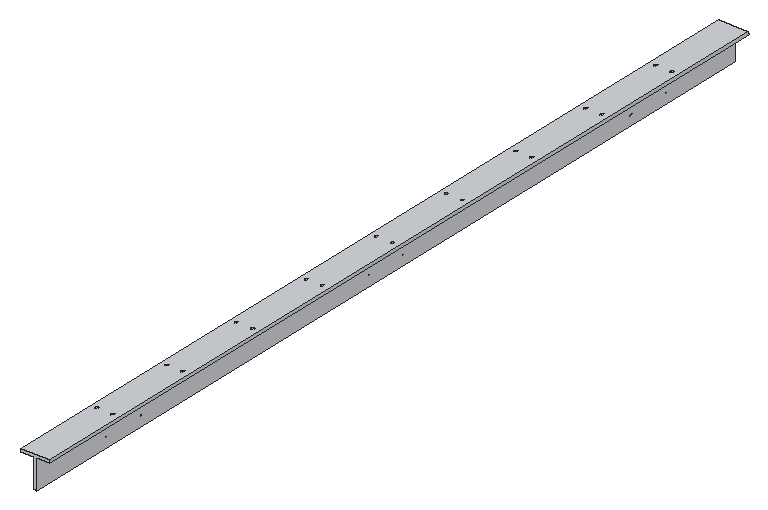
Revit family "GC - Montante Laterale", category Generic Models, host Face, Revit 2018
Family settings
  Host = Face
  Can host rebar = No
  Round Connector Dimension = Use Diameter
  Part Type = Normal
  Cut with Voids When Loaded = No
  Shared = No
  Room Calculation Point = No
Parameters
  Montante _ Spessore = 1.00 cm
  Montante _ Raggio Foro = Montante _ Diametro Foro / 2  # 0.50 cm
  Montante _ Posizione Foro Anima Superiore = Montante _ Raggio Foro + 2.00 cm  # 2.50 cm
  Montante _ Posizione Foro Anima Inferiore = Montante _ Raggio Foro + 3.00 cm  # 3.50 cm
  Montante _ Posizione Foro Ala = 2.25 cm
  Montante _ Posizionamento Fori = 30.00 cm
  Montante _ Lunghezza = 300.00 cm
  Montante _ Larghezza Piatto = 10.00 cm
  Montante _ Distanza Fori = 15.00 cm
  Montante _ Diametro Foro = 1.00 cm
  Montante _ Altezza = 10.00 cm
  Default Elevation = 121.92 cm
Reference planes (cm)
  plane 1 "Center (Front/Back)": y = 0
  plane 2: z = 0
  plane 3 "Center (Left/Right)": x = 0
  plane 4: z = 10
  plane 5: x = -1
  plane 6: z = 11
  plane 7: x = 4.5
  plane 8: x = -5.5
  plane 9: x = -0.5
  plane 10: y = -300
  plane 11: y = -30
  plane 12: y = -45
  plane 13: y = -270
  plane 14: y = -255
  plane 15: y = -150
  plane 16: y = -157.5
  plane 17: y = -142.5
  plane 18: z = 7.5
  plane 19: z = 10
  plane 20: z = 3.5
  plane 21: z = 0
  plane 22: x = -3.25
  plane 23: y = -60
  plane 24: y = -90
  plane 25: y = -120
  plane 26: y = -180
  plane 27: y = -240
  plane 28: y = -270
  plane 29: y = -30
  plane 30: y = -150
  plane 31: y = -272.7273
  plane 32: y = -210
  plane 33: x = 2.25
Forms (cm)
  Extrusion 1, solid
    sketch origin (0, 0, 0) x (1, 0, 0) y (0, 0, 1)
      loop
        line (4.5, 11) -> (-5.5, 11) -> (-5.5, 10) -> (-1, 10) -> (-1, 0) -> (0, 0) -> (0, 10) -> (4.5, 10) -> (4.5, 11)
    from 0 to 300
  Extrusion 2, void
    sketch origin (0, 0, 0) x (0, 1, 0) y (0, 0, 1)
      loop
        circle (-270, 7.5) r 0.5
      loop
        circle (-255, 7.5) r 0.5
      loop
        circle (-157.5, 7.5) r 0.5
      loop
        circle (-142.5, 7.5) r 0.5
      loop
        circle (-45, 7.5) r 0.5
      loop
        circle (-30, 7.5) r 0.5
    from -19.3486 to 25
  Extrusion 3, void
    sketch origin (0, 0, 0) x (0, 1, 0) y (0, 0, 1)
      loop
        circle (-270, 3.5) r 0.5
      loop
        circle (-255, 3.5) r 0.5
      loop
        circle (-157.5, 3.5) r 0.5
      loop
        circle (-142.5, 3.5) r 0.5
      loop
        circle (-45, 3.5) r 0.5
      loop
        circle (-30, 3.5) r 0.5
    from -24.2341 to 25
  Extrusion 4, void
    sketch origin (0, 0, 0) x (1, 0, 0) y (0, 1, 0)
      loop
        circle (-3.25, -30) r 0.5
      loop
        circle (-3.25, -60) r 0.5
      loop
        circle (-3.25, -90) r 0.5
      loop
        circle (-3.25, -120) r 0.5
      loop
        circle (-3.25, -150) r 0.5
      loop
        circle (-3.25, -180) r 0.5
      loop
        circle (-3.25, -210) r 0.5
      loop
        circle (-3.25, -240) r 0.5
      loop
        circle (-3.25, -270) r 0.5
    from 0 to 25
  Extrusion 5, void
    sketch origin (5.5, 0, 0) x (1, 0, 0) y (0, 1, 0)
      loop
        circle (-3.25, -30) r 0.5
      loop
        circle (-3.25, -60) r 0.5
      loop
        circle (-3.25, -90) r 0.5
      loop
        circle (-3.25, -120) r 0.5
      loop
        circle (-3.25, -150) r 0.5
      loop
        circle (-3.25, -180) r 0.5
      loop
        circle (-3.25, -210) r 0.5
      loop
        circle (-3.25, -240) r 0.5
      loop
        circle (-3.25, -270) r 0.5
    from 0 to 25
Cuts and joins
  Extrusion 2, Extrusion 3, Extrusion 4, Extrusion 5 cuts Extrusion 1
Dimensions and locks (cm)
  "Montante _ Spessore": plane 3 "Center (Left/Right)" to plane 5  (x2)
  "Montante _ Spessore": plane 4 to plane 6
  equal spacing: plane 8, plane 9, plane 7
  "Montante _ Larghezza Piatto": plane 8 to plane 7
  "Montante _ Lunghezza": plane 1 "Center (Front/Back)" to plane 10
  "Montante _ Distanza Fori": plane 12 to plane 11
  "Montante _ Posizionamento Fori": plane 11 to plane 1 "Center (Front/Back)"
  "Montante _ Posizionamento Fori": plane 10 to plane 13
  "Montante _ Distanza Fori": plane 13 to plane 14
  equal spacing: plane 10, plane 15, plane 1 "Center (Front/Back)"
  "Montante _ Lunghezza": plane 10 to plane 1 "Center (Front/Back)"
  equal spacing: plane 16, plane 15, plane 17
  "Montante _ Distanza Fori": plane 16 to plane 17
  "Montante _ Altezza": plane 2 to plane 4
  "Montante _ Posizione Foro Anima Superiore": plane 18 to plane 19
  "Montante _ Posizione Foro Anima Inferiore": plane 21 to plane 20
  equal spacing: plane 8, plane 22, plane 5
  equal spacing: plane 10, plane 28, plane 27, plane 32, plane 26, plane 30, plane 25, plane 24, plane 23, plane 29, plane 1 "Center (Front/Back)"
  "Montante _ Posizione Foro Ala": plane 8 to plane 22
  "Montante _ Posizione Foro Ala": plane 33 to plane 7
  "Montante _ Raggio Foro": radius of Extrusion 2 sketch curve  (x6)
  "Montante _ Raggio Foro": radius of Extrusion 3 sketch curve  (x6)
  "Montante _ Raggio Foro": radius of Extrusion 4 sketch curve  (x9)
  "Montante _ Raggio Foro": radius of Extrusion 5 sketch curve  (x9)
  aligned and locked: plane 2 to host face
  aligned and locked: level to host face
  aligned and locked: plane 6 to Extrusion 1
  aligned and locked: plane 8 to Extrusion 1
  aligned and locked: Extrusion 1 to plane 4  (x2)
  aligned and locked: plane 5 to Extrusion 1
  aligned and locked: Extrusion 1 to plane 2
  aligned and locked: plane 3 "Center (Left/Right)" to Extrusion 1
  aligned and locked: Extrusion 1 to plane 7
  aligned and locked: Extrusion 1 to plane 10
  aligned and locked: plane 19 to plane 4
  aligned and locked: plane 21 to cut or joined group of Extrusion 1, Extrusion 2, Extrusion 3, Extrusion 4, Extrusion 5
Automatic sketch dimensions
  host sketch curve to host sketch curve = 243.84 cm  (x2)
  Extrusion 1 sketch curve to plane 6 = 0.00 cm
  plane 8 to Extrusion 1 sketch curve = 0.00 cm
  Extrusion 1 sketch curve to level = 0.00 cm
  plane 5 to Extrusion 1 sketch curve = 0.00 cm
  Extrusion 1 sketch curve to plane 3 "Center (Left/Right)" = 0.00 cm
  plane 7 to Extrusion 1 sketch curve = 0.00 cm
  Extrusion 1 sketch curve to plane 4 = 0.00 cm  (x2)
  Extrusion 2 sketch curve to plane 13 = 0.00 cm
  Extrusion 2 sketch curve to plane 14 = 0.00 cm
  Extrusion 2 sketch curve to plane 16 = 0.00 cm
  Extrusion 2 sketch curve to plane 17 = 0.00 cm
  Extrusion 2 sketch curve to plane 12 = 0.00 cm
  Extrusion 2 sketch curve to plane 11 = 0.00 cm
  Extrusion 2 sketch curve to plane 18 = 0.00 cm  (x6)
  Extrusion 3 sketch curve to plane 13 = 0.00 cm
  Extrusion 3 sketch curve to plane 14 = 0.00 cm
  Extrusion 3 sketch curve to plane 16 = 0.00 cm
  Extrusion 3 sketch curve to plane 17 = 0.00 cm
  Extrusion 3 sketch curve to plane 12 = 0.00 cm
  Extrusion 3 sketch curve to plane 11 = 0.00 cm
  Extrusion 3 sketch curve to plane 20 = 0.00 cm  (x6)
  Extrusion 4 sketch curve to plane 11 = 0.00 cm
  Extrusion 4 sketch curve to plane 22 = 0.00 cm  (x9)
  Extrusion 4 sketch curve to plane 15 = 0.00 cm
  Extrusion 4 sketch curve to plane 13 = 0.00 cm
  Extrusion 4 sketch curve to plane 27 = 0.00 cm
  Extrusion 4 sketch curve to plane 32 = 0.00 cm
  Extrusion 4 sketch curve to plane 26 = 0.00 cm
  Extrusion 4 sketch curve to plane 25 = 0.00 cm
  Extrusion 4 sketch curve to plane 24 = 0.00 cm
  Extrusion 4 sketch curve to plane 23 = 0.00 cm
  Extrusion 5 sketch curve to plane 11 = 0.00 cm
  Extrusion 5 sketch curve to plane 33 = 0.00 cm  (x9)
  Extrusion 5 sketch curve to plane 23 = 0.00 cm
  Extrusion 5 sketch curve to plane 24 = 0.00 cm
  Extrusion 5 sketch curve to plane 25 = 0.00 cm
  Extrusion 5 sketch curve to plane 15 = 0.00 cm
  Extrusion 5 sketch curve to plane 26 = 0.00 cm
  Extrusion 5 sketch curve to plane 32 = 0.00 cm
  Extrusion 5 sketch curve to plane 27 = 0.00 cm
  Extrusion 5 sketch curve to plane 13 = 0.00 cm
